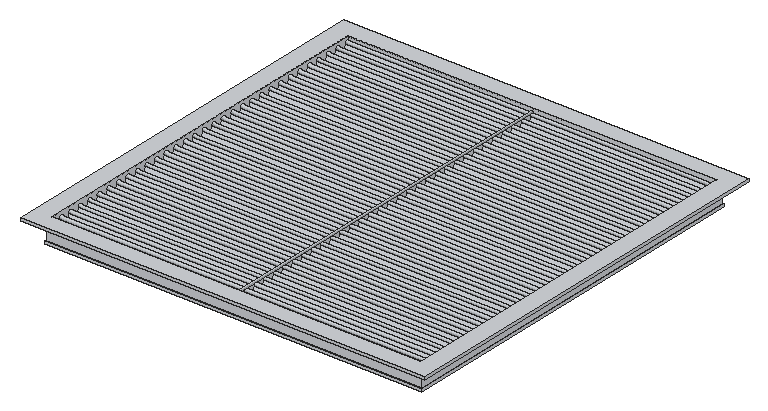
Revit family "1030212_GSH", category Air Terminals, Revit 2012
Parameters (values of type "GSH")
  Visible_Texto = not(and(and(and(Medida_Requerida_Vertical > 3", Medida_Requerida_Vertical < 49"), and(Medida_Requerida_Horizontal > 3", Medida_Requerida_Horizontal < 49")), and(Medida_Requerida_Vertical = (Var1 * 1"), Medida_Requerida_Horizontal = (Var2 * 1"))))  # no
  Var4 = if(Var1 * 1" < 4", 4", if(Var1 * 1" > 48", 48", Var1 * 1"))  # 24"
  Var3 = if(Var2 * 1" < 4", 4", if(Var2 * 1" > 48", 48", Var2 * 1"))  # 24"
  Var2 = roundup(Medida_Requerida_Horizontal / 2") * 2  # 24
  Var1 = roundup(Medida_Requerida_Vertical / 2") * 2  # 24
  URL = "https://www.innes.com.mx"
  Type Comments = "Aleta fija con inclinación a 30°"
  Tipo de Cuello = "Cuadrado/Rectangular"
  Posición de Instalación = "Muro/Techo"
  Nota1 = if(Medida_Requerida_Vertical > 48", "Medida vertical no disponible máximo 48 in", if(Medida_Requerida_Vertical < 4", "Medida vertical no disponible mínimo 4 in", if(Medida_Requerida_Horizontal > 48", "Medida horizontal no disponible máximo 48 in", if(Medida_Requerida_Horizontal < 4", "Medida horizontal no disponible mínimo 4 in", if(and(Medida_Requerida_Vertical = (Var1 * 1"), Medida_Requerida_Horizontal = (Var2 * 1")), ".", "Medida no Válida. Solo incrementos de 2 in")))))  # "."
  Model = "GSH"
  Medida_Requerida_Vertical = 24"
  Medida_Requerida_Horizontal = 24"
  Material = "Aluminio"
  Manufacturer = "INNES"
  Función = "Extracción/Retorno"
  Description = "Rejilla para extracción o retorno tipo aleta"
  Deflexión = "Fija 30°"
  Cuello Rectangular Min-Max = "6\"x4\" a 48x46\" en Incrementos de 2\""
  Cuello Cuadrado Min-Max = "4\"x4\" a 48x48\" en Incrementos de 2\""
  Conect_Vertical = Var4 - 1" / 4  # 23 3/4"
  Conect_Horizontal = Var3 - 1" / 4  # 23 3/4"
Reference planes (in)
  plane 1 "Center (Front/Back)": y = 0
  plane 2: z = 0
  plane 3 "Center (Left/Right)": x = 0
Nested families (in)
  nested 1: "GSH" at (0, 0, 0), type "GSH"
  nested 2: "Texto" at (17.14656, -31.78191, 0), type "texto"
    with Visible_Texto no
Connectors (in)
  hvac at (0, 0, -1.33333), driven by "Conect_Vertical", driven by "Conect_Horizontal"
    settings: on nested 1, index 1, duct flow 0.0 L/s, flow factor 0, pres drop 0.0 Pa, loss coef 0, conn angle 0.00°, conn width 603.25 mm, conn height 603.25 mm, conn radius 304.8 mm, duct sys type 1, conn prof type 1, flow config 0, flow direction 0, loss method 0, conn ref index -1, conn util no, is conn primary yes, conn desc ""
Definition of nested family "GSH"
  Parameters (values of type "GSH")
    separación = 3" / 4  # 3/4"
    Var4 = if(Var1 * 1" < 4", 4", if(Var1 * 1" > 48", 48", Var1 * 1"))  # 24"
    Var3 = if(Var2 * 1" < 4", 4", if(Var2 * 1" > 48", 48", Var2 * 1"))  # 24"
    Var2 = roundup(Medida_Horizontal_Requerida / 2") * 2  # 24
    Var1 = roundup(Medida_Vertical_Requerida / 2") * 2  # 24
    Marco_Interior_Vertical = Medida_Real_Vertical - 1" / 2  # 23 1/4"
    Marco_Interior_Horizontal = Medida_Real_Horizontal - 1" / 2  # 23 1/4"
    Ejes_Travesaños_Laterales = Medida_Real_Horizontal / 2  # 11 7/8"
    URL = "https://www.innes.com.mx"
    Travesaños laterales = if(Medida_Real_Horizontal > 29", 1 < 2, 1 > 2)  # no
    Travesaño medio = if(Medida_Real_Horizontal < 10", 1 > 2, 1 < 2)  # yes
    N° de rejillas = (Marco_Interior_Vertical / separación) - 1 / 2  # 31
    Medida_Vertical_Requerida = 24"
    Medida_Horizontal_Requerida = 24"
    Manufacturer = "INNES"
    Medida_Real_Vertical = Var4 - 1" / 4  # 23 3/4"
    Medida_Real_Horizontal = Var3 - 1" / 4  # 23 3/4"
  Reference planes (in)
    plane 1 "Center (Front/Back)": y = 0
    plane 2: z = 0
    plane 3 "Center (Left/Right)": x = 0
    plane 4: y = 11.875
    plane 5: y = -11.875
    plane 6: x = -11.875
    plane 7: x = 11.875
    plane 8: y = 11.625
    plane 9: z = -0.58333
    plane 10: x = -5.9375
    plane 11: x = 5.9375
    plane 12 "top 2": y = 11.625
    plane 13: y = -11.625
    plane 14: y = -11.625
    plane 15: y = 11.625
  Forms (in)
    Sweep 1, solid
      path origin (0, 0, 0) x (1, 0, 0) y (0, 1, 0)
        loop
          line (-11.875, 11.875) -> (-11.875, -11.875) -> (11.875, -11.875) -> (11.875, 11.875) -> (-11.875, 11.875)
      profile origin (0, 11.875, 0) x (0, 1, 0) y (0, 0, 1)
        loop
          line (-0.25, 0) -> (-0.25, -1.33333) -> (0, -1.33333) -> (0, -1.17708) -> (-0.09375, -1.17708) -> (-0.09375, -0.3125) -> (0, -0.3125) -> (0, -0.15625) -> (-0.09375, -0.15625) -> (-0.09375, 0) -> (0.84375, 0) -> (0.84375, 0.16667) -> (-0.25, 0.16667) -> (-0.25, 0)
    Extrusion 2, solid, visible <- "Travesaño medio"
      sketch origin (0, 11.625, 0) x (-1, 0, 0) y (0, 0, 1)
        loop
          line (0.02579, -1.17708) -> (0.02579, -0.10442)
          arc (0.02579, -0.10442) -> (0, 0.00171) -> (-0.02579, -0.10442) r 0.0562
          line (-0.02579, -0.10442) -> (-0.02579, -1.17708) -> (0.02579, -1.17708)
      from 0 to -23.25
    Extrusion 3, solid, visible <- "Travesaños laterales"
      sketch origin (0, 3.38184, 0) x (-1, 0, 0) y (0, 0, 1)
        loop
          line (5.97345, -1.17708) -> (5.97345, -0.10492)
          arc (5.97345, -0.10492) -> (5.93625, -0.00599) -> (5.90155, -0.10582) r 0.0562
          line (5.90155, -0.10582) -> (5.90155, -1.17708) -> (5.97345, -1.17708)
        loop
          line (-5.90647, -1.17708) -> (-5.90647, -0.11842)
          arc (-5.90647, -0.11842) -> (-5.9379, -0.00347) -> (-5.96853, -0.11864) r 0.06171
          line (-5.96853, -0.11864) -> (-5.96853, -1.17708) -> (-5.90647, -1.17708)
      from 8.24316 to -15.00684
  Dimensions and locks (in)
    equal spacing: plane 6, plane 3 "Center (Left/Right)", plane 7
    equal spacing: plane 4, plane 1 "Center (Front/Back)", plane 5
    "Medida_Real_Horizontal": plane 6 to plane 7
    "Medida_Real_Vertical": plane 4 to plane 5
    locked: Sweep 1 to plane 9 at 0.75
    equal spacing: plane 10, plane 3 "Center (Left/Right)", plane 11
    "Ejes_Travesaños_Laterales": plane 10 to plane 11
    equal spacing: Extrusion 2 sketch curve, plane 3 "Center (Left/Right)", Extrusion 2 sketch curve
    Extrusion 2 sketch curve to Extrusion 2 sketch curve = 0.05158"
    Extrusion 3 sketch curve to Extrusion 3 sketch curve = 0.07189"
    equal spacing: Extrusion 3 sketch curve, plane 10, Extrusion 3 sketch curve
    Extrusion 3 sketch curve to Extrusion 3 sketch curve = 0.06206"
    equal spacing: Extrusion 3 sketch curve, plane 11, Extrusion 3 sketch curve
    equal spacing: group 1, group 2, group 3, group 4, group 5, group 6, group 7, group 8, group 9, group 10, group 11, group 12, group 13, group 14, group 15, group 16, group 17, group 18, group 19, group 20, group 21, group 22, group 23, group 24, group 25, group 26, group 27, group 28, group 29, group 30, group 31  (x2)
    equal spacing: group 31, group 30, group 29, group 28, group 27, group 26, group 25, group 24, group 23, group 22, group 21, group 20, group 19, group 18, group 17, group 16, group 15, group 14, group 13, group 12, group 11, group 10, group 9, group 8, group 7, group 6, group 5, group 4, group 3, group 2, group 1
    "separación": nested 1 to nested 2
    locked: plane 14 to plane 5 at 0.25
    locked: plane 4 to plane 15 at 0.25
    aligned and locked: plane 2 to level
    aligned and locked: Sweep 1 sketch curve to plane 4
    aligned and locked: plane 6 to Sweep 1 sketch curve
    aligned and locked: plane 5 to Sweep 1 sketch curve
    aligned and locked: Sweep 1 sketch curve to plane 7
    aligned and locked: Extrusion 2 to plane 13
    aligned and locked: Sweep 1 to Extrusion 2 sketch curve
    aligned and locked: Sweep 1 to Extrusion 3 sketch curve  (x2)
    aligned and locked: Extrusion 3 to plane 13
    aligned and locked: Sweep 1 to Sweep 1  (x21)
    aligned and locked: Sweep 1 to nested 1
    aligned and locked: nested 1 to Sweep 1  (x6)
    aligned and locked: Sweep 1 to nested 2  (x2)
    aligned and locked: nested 2 to Sweep 1  (x3)
    aligned and locked: plane 13 to plane 14
    aligned and locked: Extrusion 3 to plane 8
    aligned and locked: plane 15 to Sweep 1
    aligned and locked: plane 8 to plane 15
    aligned and locked: plane 15 to plane 12 "top 2"
  Automatic sketch dimensions
    Extrusion 2 sketch curve to plane 3 "Center (Left/Right)" = 0"
    Extrusion 2 sketch curve to level = 0.10442"
    Extrusion 2 sketch curve to level = 0.05449"
    plane 11 to Extrusion 3 sketch curve = 0.03103"
    plane 11 to Extrusion 3 sketch curve = 0.00018"
    plane 10 to Extrusion 3 sketch curve = 0.03595"
    plane 10 to Extrusion 3 sketch curve = 0.00054"
    Extrusion 3 sketch curve to level = 0.11864"
    Extrusion 3 sketch curve to Extrusion 3 sketch curve = 0.00021"
    Extrusion 3 sketch curve to level = 0.10582"
    Extrusion 3 sketch curve to Extrusion 3 sketch curve = 0.0009"
    Sweep 1 sketch curve to level = 0"  (x2)
    Sweep 1 sketch curve to profile plane = 0"  (x2)
    Sweep 1 sketch curve to Sweep 1 sketch curve = 3/32"  (x2)
    Sweep 1 sketch curve to Sweep 1 sketch curve = 5/32"  (x3)
    Sweep 1 sketch curve to profile plane = 27/32"
    Sweep 1 sketch curve to Sweep 1 sketch curve = 1.33333"
    Sweep 1 sketch curve to Sweep 1 sketch curve = 5/16"
    level to Sweep 1 sketch curve = 0.16667"
  Nested families (in)
    nested 1: "Rejilla aleta" at (-11.625, 11.27438, -0.58333), type "Rejilla aleta"
      with Largo rejilla 23 1/4"
    nested 2: "Rejilla aleta" at (-11.625, 10.52438, -0.58333), type "Rejilla aleta"
      with Largo rejilla 23 1/4"
    nested 3: "Rejilla aleta" at (-11.625, 9.77438, -0.58333), type "Rejilla aleta"
      with Largo rejilla 23 1/4"
    nested 4: "Rejilla aleta" at (-11.625, 9.02438, -0.58333), type "Rejilla aleta"
      with Largo rejilla 23 1/4"
    nested 5: "Rejilla aleta" at (-11.625, 8.27438, -0.58333), type "Rejilla aleta"
      with Largo rejilla 23 1/4"
    nested 6: "Rejilla aleta" at (-11.625, 7.52438, -0.58333), type "Rejilla aleta"
      with Largo rejilla 23 1/4"
    nested 7: "Rejilla aleta" at (-11.625, 6.77438, -0.58333), type "Rejilla aleta"
      with Largo rejilla 23 1/4"
    nested 8: "Rejilla aleta" at (-11.625, 6.02438, -0.58333), type "Rejilla aleta"
      with Largo rejilla 23 1/4"
    nested 9: "Rejilla aleta" at (-11.625, 5.27438, -0.58333), type "Rejilla aleta"
      with Largo rejilla 23 1/4"
    nested 10: "Rejilla aleta" at (-11.625, 4.52438, -0.58333), type "Rejilla aleta"
      with Largo rejilla 23 1/4"
    nested 11: "Rejilla aleta" at (-11.625, 3.77438, -0.58333), type "Rejilla aleta"
      with Largo rejilla 23 1/4"
    nested 12: "Rejilla aleta" at (-11.625, 3.02438, -0.58333), type "Rejilla aleta"
      with Largo rejilla 23 1/4"
    nested 13: "Rejilla aleta" at (-11.625, 2.27438, -0.58333), type "Rejilla aleta"
      with Largo rejilla 23 1/4"
    nested 14: "Rejilla aleta" at (-11.625, 1.52438, -0.58333), type "Rejilla aleta"
      with Largo rejilla 23 1/4"
    nested 15: "Rejilla aleta" at (-11.625, 0.77438, -0.58333), type "Rejilla aleta"
      with Largo rejilla 23 1/4"
    nested 16: "Rejilla aleta" at (-11.625, 0.02438, -0.58333), type "Rejilla aleta"
      with Largo rejilla 23 1/4"
    nested 17: "Rejilla aleta" at (-11.625, -0.72562, -0.58333), type "Rejilla aleta"
      with Largo rejilla 23 1/4"
    nested 18: "Rejilla aleta" at (-11.625, -1.47562, -0.58333), type "Rejilla aleta"
      with Largo rejilla 23 1/4"
    nested 19: "Rejilla aleta" at (-11.625, -2.22562, -0.58333), type "Rejilla aleta"
      with Largo rejilla 23 1/4"
    nested 20: "Rejilla aleta" at (-11.625, -2.97562, -0.58333), type "Rejilla aleta"
      with Largo rejilla 23 1/4"
    nested 21: "Rejilla aleta" at (-11.625, -3.72562, -0.58333), type "Rejilla aleta"
      with Largo rejilla 23 1/4"
    nested 22: "Rejilla aleta" at (-11.625, -4.47562, -0.58333), type "Rejilla aleta"
      with Largo rejilla 23 1/4"
    nested 23: "Rejilla aleta" at (-11.625, -5.22562, -0.58333), type "Rejilla aleta"
      with Largo rejilla 23 1/4"
    nested 24: "Rejilla aleta" at (-11.625, -5.97562, -0.58333), type "Rejilla aleta"
      with Largo rejilla 23 1/4"
    nested 25: "Rejilla aleta" at (-11.625, -6.72562, -0.58333), type "Rejilla aleta"
      with Largo rejilla 23 1/4"
    nested 26: "Rejilla aleta" at (-11.625, -7.47562, -0.58333), type "Rejilla aleta"
      with Largo rejilla 23 1/4"
    nested 27: "Rejilla aleta" at (-11.625, -8.22562, -0.58333), type "Rejilla aleta"
      with Largo rejilla 23 1/4"
    nested 28: "Rejilla aleta" at (-11.625, -8.97562, -0.58333), type "Rejilla aleta"
      with Largo rejilla 23 1/4"
    nested 29: "Rejilla aleta" at (-11.625, -9.72562, -0.58333), type "Rejilla aleta"
      with Largo rejilla 23 1/4"
    nested 30: "Rejilla aleta" at (-11.625, -10.47562, -0.58333), type "Rejilla aleta"
      with Largo rejilla 23 1/4"
    nested 31: "Rejilla aleta" at (-11.625, -11.22562, -0.58333), type "Rejilla aleta"
      with Largo rejilla 23 1/4"
  Definition of nested family "Rejilla aleta"
    Parameters (values of type "Rejilla aleta")
      Largo rejilla = 17 3/4"
    Reference planes (in)
      plane 1 "Center (Front/Back)": y = 0
      plane 2: z = 0
      plane 3 "Center (Left/Right)": x = 0
      plane 4: y = 0.75
      plane 5: y = -0.75
      plane 6: z = -0.75
      plane 7: z = 0.75
      plane 8: z = 0
      plane 9: y = 0
      plane 10: x = 17.75
      plane 11: y = 0.35062
    Forms (in)
      Extrusion 1, solid
        sketch origin (0, 0, 0) x (0, 1, 0) y (0, 0, 1)
          loop
            line (-0.26338, -0.52178) -> (0.23181, 0.33592)
            arc (0.23181, 0.33592) -> (0.3001, 0.52015) -> (0.1774, 0.36669) r 0.09951
            line (0.1774, 0.36669) -> (-0.31751, -0.49053) -> (-0.26338, -0.52178)
        from 0 to 17.75
    Dimensions and locks (in)
      equal spacing: plane 4, plane 1 "Center (Front/Back)", plane 5
      plane 4 to plane 5 = 1 1/2"
      equal spacing: plane 7, level, plane 6
      plane 7 to plane 6 = 1 1/2"
      Extrusion 1 sketch curve to Extrusion 1 sketch curve = 1/16"
      "Largo rejilla": plane 3 "Center (Left/Right)" to plane 10
      locked: plane 11 to plane 1 "Center (Front/Back)" at 0.35062
      aligned and locked: plane 2 to level
      aligned and locked: Extrusion 1 to plane 10
    Automatic sketch dimensions
      plane 1 "Center (Front/Back)" to Extrusion 1 sketch curve = 0.31751"
      plane 6 to Extrusion 1 sketch curve = 0.22822"
      Extrusion 1 sketch curve to Extrusion 1 sketch curve = 0.05413"
      Extrusion 1 sketch curve to Extrusion 1 sketch curve = 0.0193"
      Extrusion 1 sketch curve to Extrusion 1 sketch curve = 0.0544"
      Extrusion 1 sketch curve to Extrusion 1 sketch curve = 0"
      Extrusion 1 sketch curve to plane 1 "Center (Front/Back)" = 0.1774"
Definition of nested family "Texto"
  Parameters (values of type "texto")
    texto = "Medida vertical no disponible máximo 48 in"
    Visible_Texto = yes
    Color = rojo
  Reference planes (in)
    plane 1 "Center (Front/Back)": y = 0
    plane 2: z = 0
    plane 3 "Center (Left/Right)": x = 0
